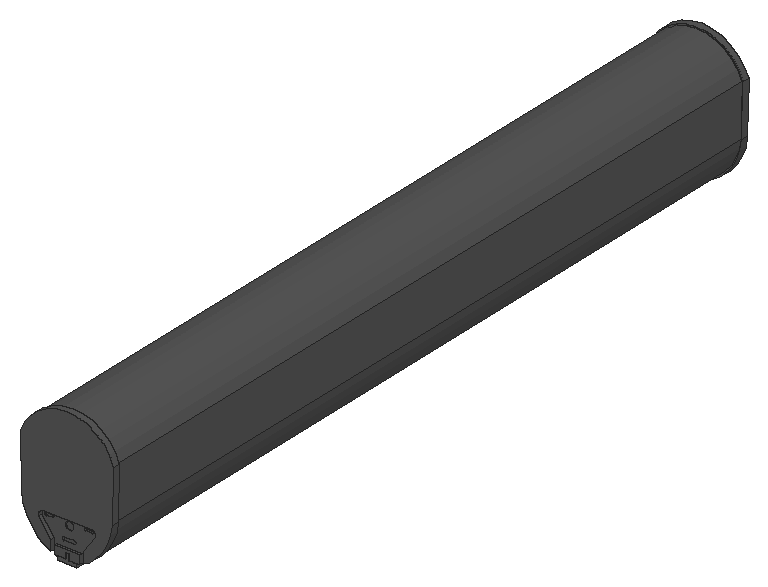
Revit family "Electronics_Desono_Biamp_Column-Line-Source-Loudspeaker_ENT-FR", category Communication Devices, host Face, Revit 2020
Family settings
  Host = Face
  Maintain Annotation Orientation = No
  Round Connector Dimension = Use Diameter
  Part Type = Normal
  OmniClass Number = 23.85.10.11.14.14.14
  OmniClass Title = Loudspeakers
  Cut with Voids When Loaded = No
  Shared = No
  Room Calculation Point = No
Parameters (values of type "ENT-FR B")
  Width = 0' - 5.51181"  # constant formula
  Weight = 40.00 lbf  # constant formula
  URL = "https://www.biamp.com/"
  Typical SPL at 100 feet (30 meters) = "96 dB"  # constant formula
  Transducers = "LF: Six 3.5 neodymium; MF: Eighteen 2.35; HF: Forty-two 1 (six 7 long by 1 wide planar-coupled Compact Ribbon Emulators)"  # constant formula
  Required Accessories = "Digital Signal Processor / External High Pass Filter - 200Hz, 12 dB /octave"  # constant formula
  Recommended Amplifers = "600W - 1200W @ 12Ω (85V - 120V)"  # constant formula
  Product data url = "https://www.bimobject.com/biamp/product/ent-fr_desono-column-line-source"
  Product Page URL = "https://www.biamp.com/products/product-families/desono/line-source-loudspeakers#ent-fr"
  Product Documentation Link = "https://downloads.biamp.com/assets/docs/default-source/data-sheets/biamp_data_sheet_desono_ent-fr_ent-lf_may21.pdf"
  Operating Range = "200 Hz - 20 kHz"  # constant formula
  Operating Mode = "Passive"  # constant formula
  Operating Environment = "Indoor or outdoor direct exposure"  # constant formula
  Nominal Sensitivity = "Curved (12°): 93 dB; Straight (6°): 95 dB"  # constant formula
  Nominal Maximum SPL (Single unit) = "Curved (12°): 120 dB; Straight (6°): 122 dB"  # constant formula
  Nominal Beamwidth  (H x V) = "Horizontal: 120°; Vertical: 12° or 6° (user confgurable)"  # constant formula
  Model = "ENT-FR B"
  Manufacturer = "Biamp"  # constant formula
  Input Connection = "Top: (1) Dual Banana (male); Bottom: (1) NL4 locking connector; (2) Terminal strip (1) Banana (female) "  # constant formula
  Included Accessories = "(1) T-Bar mounting bracket (1) Input wiring cover (1) Top connector cover"  # constant formula
  Housing Material = Biamp - Plastic - Black
  Height = 3' - 8.44882"  # constant formula
  Grill Material = Biamp - Plastic - Black(Grid)
  Environmental = "IP54 per IEC 60529, designed in accordance with MIL-STD-810G. Included; ABS plastic rain cover with integrated cable inlet and 1 (25.4 mm) knockout for conduit ingress"  # constant formula
  Description = "Desono™ ENT-FR Three-Way, Full-Range Column Line Source Loudspeaker"  # constant formula
  Depth = 0' - 7.3622"  # constant formula
  Default Elevation = 4' - 0"
  Continuous Power Handling Nominal Impedance = "85V, 600W @ 12Ω (2400W Peak)"  # constant formula
  Connector Description = "NL4MP-type jack; 85V 600W 12Ω (2400W peak)"  # constant formula
  Bracket Material = Biamp - Metal - Black
  Baffle Form = "Confgurable; straight, curved, and asymmetric curve"  # constant formula
Types (3): name | Model | Housing Material | Grill Material | Bracket Material
  (no name) | "ENT-FR B" | Biamp - Plastic - Black | Biamp - Plastic - Black(Grid) | Biamp - Metal - Black
  ENT-FR B | "ENT-FR B" | Biamp - Plastic - Black | Biamp - Plastic - Black(Grid) | Biamp - Metal - Black
  ENT-FR W | "ENT-FR W" | Biamp - Plastic - White | Biamp - Plastic - White(Grid) | Biamp - Metal - White
Reference planes (in)
  plane 1 "Center (Front/Back)": y = 0
  plane 2: z = 0
  plane 3 "Center (Left/Right)": x = 0
Forms (in)
  Extrusion 1, solid, material "Biamp - Plastic - Black" <- "Housing Material", detail levels coarse
    sketch origin (0, 0, 0) x (1, 0, 0) y (0, 0, 1)
      loop
        arc (2.54493, 5.73723) -> (0, 7.55118) -> (-2.54493, 5.73723) r 2.69221
        line (-2.54493, 5.73723) -> (-2.48425, 2.8216)
        arc (-2.48425, 2.8216) -> (-2.19296, 1.76283) -> (-1.56913, 0.85912) r 3.28649
        arc (-1.56913, 0.85912) -> (-0.89698, 0.38897) -> (-0.099, 0.19909) r 2.19002
        line (-0.099, 0.19909) -> (-0.099, 0.51432) -> (0.099, 0.51432) -> (0.099, 0.19909)
        arc (0.099, 0.19909) -> (0.89698, 0.38897) -> (1.56913, 0.85912) r 2.19002
        arc (1.56913, 0.85912) -> (2.19296, 1.76283) -> (2.48425, 2.8216) r 3.28649
        line (2.48425, 2.8216) -> (2.54493, 5.73723)
    from -22.22441 to 22.22441
  Extrusion 2, solid, material "Biamp - Metal - Black" <- "Bracket Material"
    sketch origin (0, 0, 0) x (1, 0, 0) y (0, 0, 1)
      loop
        line (-0.54134, 0) -> (0, 0) -> (0.54134, 0) -> (0.54134, 0.19685) -> (0.099, 0.19685) -> (0.099, 0.51432) -> (0, 0.51432) -> (-0.099, 0.51432) -> (-0.099, 0.19685) -> (-0.54134, 0.19685) -> (-0.54134, 0)
    from -22.22441 to 22.22441
  Extrusion 3, solid, material "Biamp - Plastic - Black" <- "Housing Material", detail levels medium+fine
    sketch origin (0, 0, 0) x (1, 0, 0) y (0, 0, 1)
      loop
        line (-0.099, 0.51432) -> (0.099, 0.51432) -> (0.099, 0.19685) -> (0.59252, 0.19685)
        arc (0.59252, 0.19685) -> (1.14986, 0.43109) -> (1.62555, 0.8042) r 2.26876
        arc (1.62555, 0.8042) -> (2.26499, 1.73099) -> (2.56291, 2.81684) r 3.36523
        line (2.56291, 2.81684) -> (2.62394, 5.74953)
        arc (2.62394, 5.74953) -> (0, 7.62992) -> (-2.62394, 5.74953) r 2.77095
        line (-2.62394, 5.74953) -> (-2.56291, 2.81684)
        arc (-2.56291, 2.81684) -> (-2.26499, 1.73099) -> (-1.62555, 0.8042) r 3.36523
        arc (-1.62555, 0.8042) -> (-1.14986, 0.43109) -> (-0.59252, 0.19685) r 2.26876
        line (-0.59252, 0.19685) -> (-0.099, 0.19685) -> (-0.099, 0.51432)
    from 21.85039 to 22.22441
  Extrusion 4, solid, material "Biamp - Plastic - Black" <- "Housing Material", detail levels medium+fine
    sketch origin (0, 0, 0) x (1, 0, 0) y (0, 0, 1)
      loop
        line (-0.099, 0.51432) -> (0.099, 0.51432) -> (0.099, 0.19685) -> (0.59252, 0.19685)
        arc (0.59252, 0.19685) -> (1.14986, 0.43109) -> (1.62555, 0.8042) r 2.26876
        arc (1.62555, 0.8042) -> (2.26499, 1.73099) -> (2.56291, 2.81684) r 3.36523
        line (2.56291, 2.81684) -> (2.62394, 5.74953)
        arc (2.62394, 5.74953) -> (0, 7.62992) -> (-2.62394, 5.74953) r 2.77095
        line (-2.62394, 5.74953) -> (-2.56291, 2.81684)
        arc (-2.56291, 2.81684) -> (-2.26499, 1.73099) -> (-1.62555, 0.8042) r 3.36523
        arc (-1.62555, 0.8042) -> (-1.14986, 0.43109) -> (-0.59252, 0.19685) r 2.26876
        line (-0.59252, 0.19685) -> (-0.099, 0.19685) -> (-0.099, 0.51432)
    from -22.22441 to -21.85039
  Extrusion 5, solid, material "Biamp - Plastic - Black" <- "Housing Material", detail levels medium+fine
    sketch origin (0, 0, 0) x (1, 0, 0) y (0, 0, 1)
      loop
        line (2.54493, 5.73723) -> (-2.54493, 5.73723) -> (-2.48425, 2.8216)
        arc (-2.48425, 2.8216) -> (-2.19296, 1.76283) -> (-1.56913, 0.85912) r 3.28649
        arc (-1.56913, 0.85912) -> (-0.89698, 0.38897) -> (-0.099, 0.19909) r 2.19002
        line (-0.099, 0.19909) -> (-0.099, 0.51432) -> (0.099, 0.51432) -> (0.099, 0.19909)
        arc (0.099, 0.19909) -> (0.89698, 0.38897) -> (1.56913, 0.85912) r 2.19002
        arc (1.56913, 0.85912) -> (2.19296, 1.76283) -> (2.48425, 2.8216) r 3.28649
        line (2.48425, 2.8216) -> (2.54493, 5.73723)
    from -21.85039 to 21.85039
  Extrusion 6, solid, material "Biamp - Plastic - Black(Grid)" <- "Grill Material", detail levels medium+fine
    sketch origin (0, 0, 0) x (1, 0, 0) y (0, 0, 1)
      loop
        line (-2.54493, 5.73723) -> (-2.3357, 5.73723)
        arc (-2.3357, 5.73723) -> (0, 7.35433) -> (2.3357, 5.73723) r 2.49536
        line (2.3357, 5.73723) -> (2.54493, 5.73723)
        arc (2.54493, 5.73723) -> (0, 7.55118) -> (-2.54493, 5.73723) r 2.69221
    from -21.85039 to 21.85039
  Extrusion 7, void
    sketch origin (0, -22.22441, 0) x (-1, 0, 0) y (0, 0, 1)
      loop
        line (0.91846, 0.26312) -> (0.91846, 0.90288) -> (1.58512, 1.85251) -> (1.58512, 2.04936) -> (1.44593, 2.18855) -> (-1.44593, 2.18855) -> (-1.58512, 2.04936) -> (-1.58512, 1.85251) -> (-0.91846, 0.90288) -> (-0.91846, 0.26312)
        arc (-0.91846, 0.26312) -> (-0.81826, 0.22159) -> (-0.71619, 0.18491) r 2.26876
        line (-0.71619, 0.18491) -> (-0.71619, 0.6821) -> (0.71619, 0.6821) -> (0.71619, 0.18491)
        arc (0.71619, 0.18491) -> (0.81826, 0.22159) -> (0.91846, 0.26312) r 2.26876
    from 0 to 0.19685
  Extrusion 8, void
    sketch origin (0, -22.22441, 0) x (-1, 0, 0) y (0, 0, 1)
      loop
        circle (0, 1.81399) r 0.23622
      loop
        arc (1.30413, 1.88289) -> (1.38287, 1.96163) -> (1.30413, 2.04037) r 0.07874
        line (1.30413, 2.04037) -> (0.91043, 2.04037)
        arc (0.91043, 2.04037) -> (0.83169, 1.96163) -> (0.91043, 1.88289) r 0.07874
        line (0.91043, 1.88289) -> (1.30413, 1.88289)
      loop
        arc (0.27067, 0.9577) -> (0.38878, 1.07581) -> (0.27067, 1.19392) r 0.11811
        line (0.27067, 1.19392) -> (-0.27067, 1.19392)
        arc (-0.27067, 1.19392) -> (-0.38878, 1.07581) -> (-0.27067, 0.9577) r 0.11811
        line (-0.27067, 0.9577) -> (0.27067, 0.9577)
      loop
        arc (-0.91043, 1.88289) -> (-0.83169, 1.96163) -> (-0.91043, 2.04037) r 0.07874
        line (-0.91043, 2.04037) -> (-1.30413, 2.04037)
        arc (-1.30413, 2.04037) -> (-1.38287, 1.96163) -> (-1.30413, 1.88289) r 0.07874
        line (-1.30413, 1.88289) -> (-0.91043, 1.88289)
    from 0.19685 to 0.23597
  Extrusion 9, void
    sketch origin (0, -22.22441, 0) x (-1, 0, 0) y (0, 0, 1)
      loop
        arc (0.27067, 0.9577) -> (0.38878, 1.07581) -> (0.27067, 1.19392) r 0.11811
        line (0.27067, 1.19392) -> (-0.27067, 1.19392)
        arc (-0.27067, 1.19392) -> (-0.38878, 1.07581) -> (-0.27067, 0.9577) r 0.11811
        line (-0.27067, 0.9577) -> (0.27067, 0.9577)
    from 44.41675 to 44.63386
Cuts and joins
  Extrusion 7, Extrusion 8, Extrusion 9 cuts Extrusion 1
  Extrusion 7, Extrusion 8, Extrusion 9 cuts Extrusion 3
  Extrusion 7 cuts Extrusion 5
  Extrusion 9 cuts Extrusion 4
Lines and regions (in)
  Masking region 1
    outline origin (0, 0, 0) x (1, 0, 0) y (0, 1, 0)
      loop
        line (-2.62394, 22.22441) -> (-2.62394, 21.85039) -> (2.62394, 21.85039) -> (2.62394, 22.22441) -> (-2.62394, 22.22441)
      loop
        line (-2.62394, -21.85039) -> (-2.62394, -22.22441) -> (2.62394, -22.22441) -> (2.62394, -21.85039) -> (-2.62394, -21.85039)
  Masking region 2
    outline origin (0, 0, 0) x (1, 0, 0) y (0, 1, 0)
      loop
        line (2.56291, -21.85039) -> (2.56291, 21.85039) -> (-2.54493, 21.85039) -> (-2.54493, -21.85039) -> (2.56291, -21.85039)
  Masking region 3
    outline origin (0, 0, 0) x (1, 0, 0) y (0, 0, 1)
      loop
        line (-2.62394, 5.74953) -> (-2.56291, 2.81684)
        arc (-2.56291, 2.81684) -> (-2.26499, 1.73099) -> (-1.62555, 0.8042) r 3.36523
        arc (-1.62555, 0.8042) -> (-1.14986, 0.43109) -> (-0.59252, 0.19685) r 2.26876
        line (-0.59252, 0.19685) -> (-0.099, 0.19685) -> (-0.099, 0.51432) -> (0.099, 0.51432) -> (0.099, 0.19685) -> (0.59252, 0.19685)
        arc (0.59252, 0.19685) -> (1.14986, 0.43109) -> (1.62555, 0.8042) r 2.26876
        arc (1.62555, 0.8042) -> (2.26499, 1.73099) -> (2.56291, 2.81684) r 3.36523
        line (2.56291, 2.81684) -> (2.62394, 5.74953)
        arc (2.62394, 5.74953) -> (0, 7.62992) -> (-2.62394, 5.74953) r 2.77095
  Masking region 4
    outline origin (0, 0, 0) x (1, 0, 0) y (0, 0, 1)
      loop
        line (-0.54134, 0.19685) -> (-0.54134, 0) -> (0, 0) -> (0.54134, 0) -> (0.54134, 0.19685) -> (0.099, 0.19685) -> (0.099, 0.51432) -> (0, 0.51432) -> (-0.099, 0.51432) -> (-0.099, 0.19685) -> (-0.54134, 0.19685)
Dimensions and locks (in)
  aligned and locked: plane 2 to host face
  aligned and locked: level to host face
Connectors (in)
  electrical at (0, -21.98844, 1.81399), driven by "Connector Description"
    settings: on cut or joined group of Extrusion 1, Extrusion 7, Extrusion 8, Extrusion 9, index 8, voltage 0 V, apparent load 0 VA, apparent load phase1 0 VA, apparent load phase2 0 VA, apparent load phase3 0 VA, power factor 1, load classification "Other", number of poles 1, system type 5, power factor state 1, is connector primary yes, connector utility no, sub classification motor no, connector description "NL4MP-type jack; 85V 600W 12Ω (2400W peak)"
  electrical at (-1.10728, -21.98844, 1.96163)
    settings: on cut or joined group of Extrusion 1, Extrusion 7, Extrusion 8, Extrusion 9, index 9, voltage 0 V, apparent load 0 VA, apparent load phase1 0 VA, apparent load phase2 0 VA, apparent load phase3 0 VA, power factor 1, load classification "Other", number of poles 1, system type 5, power factor state 1, is connector primary no, connector utility no, sub classification motor no, connector description "Barrier strip; Input to loudspeaker"
  electrical at (1.10728, -21.98844, 1.96163)
    settings: on cut or joined group of Extrusion 1, Extrusion 7, Extrusion 8, Extrusion 9, index 10, voltage 0 V, apparent load 0 VA, apparent load phase1 0 VA, apparent load phase2 0 VA, apparent load phase3 0 VA, power factor 1, load classification "Other", number of poles 1, system type 5, power factor state 1, is connector primary no, connector utility no, sub classification motor no, connector description "Barrier strip; Output to another loudspeaker"
  electrical at (0, -21.98844, 1.07581)
    settings: on cut or joined group of Extrusion 1, Extrusion 7, Extrusion 8, Extrusion 9, index 11, voltage 0 V, apparent load 0 VA, apparent load phase1 0 VA, apparent load phase2 0 VA, apparent load phase3 0 VA, power factor 1, load classification "Other", number of poles 1, system type 5, power factor state 1, is connector primary no, connector utility no, sub classification motor no, connector description "Dual Banana jack (female); Input to loudspeaker"
  electrical at (0, 22.19234, 1.07581)
    settings: on cut or joined group of Extrusion 1, Extrusion 7, Extrusion 8, Extrusion 9, index 12, voltage 0 V, apparent load 0 VA, apparent load phase1 0 VA, apparent load phase2 0 VA, apparent load phase3 0 VA, power factor 1, load classification "Other", number of poles 1, system type 5, power factor state 1, is connector primary no, connector utility no, sub classification motor no, connector description "Dual Banana jack (male); Output to another loudspeaker"
